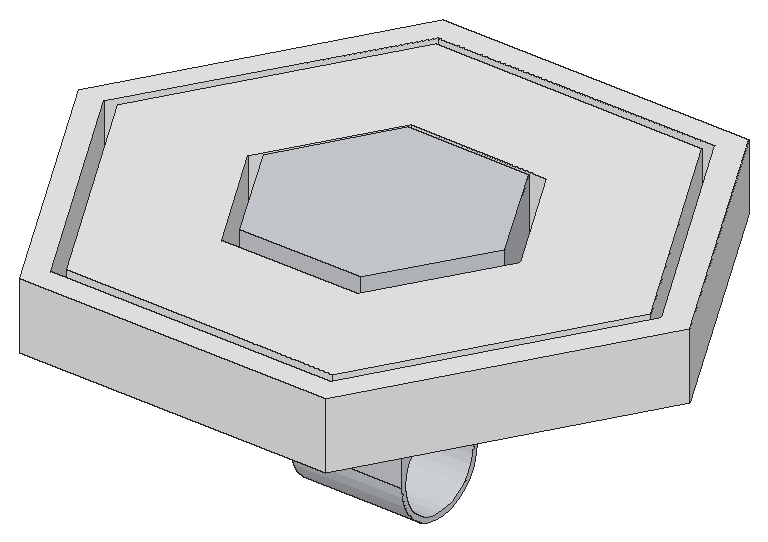
Revit family "Lighting-Industrial-GEWISS-ESALITE-HB-HIGHBAYS-LED_6K_DALI", category Apparecchi per illuminazione, host Superficie, Revit 2019
Family settings
  Host = Superficie
  Quota connettore circolare = Usa diametro
  Tipo di parte = Normale
  Taglio con vuoti quando caricato = No
  Sorgente d'illuminazione = No
  Condiviso = No
  Punto di calcolo locali = Sì
Parameters (values of type "GWS6315GD57K - ESALITE 6K ELL.5700K PLAF.+V.GR.DALI")
  Weight (kg): = "3,3"
  Warranty = "5 years"
  Voltage- = "220/240 V - 50/60 Hz"
  Versions = "5700K cold light"
  Version file RFA = "20.11"
  VISIBILITA' SIMBOLO [instance] = yes
  VISIBILITA' LAMPADA PIANTA [instance] = not(VISIBILITA' SIMBOLO)  # no
  VISIBILITA' ETICHETTA [instance] = yes
  V = 0 V
  URL = "https://www.gewiss.com/ww/en"
  Technical sheet = "https://www.gewiss.com/ww/en/search?q=GWS6315GD57K"
  System power = "52W"
  Spostamento_y_effettivo_ET [instance] = 4000 mm - Spostamento_y_ET  # 2119.2 mm
  Spostamento_y_ET [instance] = 1880.8 mm
  Spostamento_X_effettivo_ET [instance] = 4000 mm - Spostamento_X_ET  # 3850.612 mm
  Spostamento_X_ET [instance] = 149.388 mm
  Shock resistance = "IK08"
  Shield type = "Tempered glass"
  SEO = "High bay"
  Realized by GEWISS S.p.A. = ""
  Default Elevation = 1219.2 mm
  Produttore = "GEWISS S.p.A."
  Potenza di sitema = "Wxxx"
  Overvoltage resistance : = "Common mode: 8KV; Differential mode: 6KV"
  Optic = "Elliptical"
  Operating temperature: = "-30 +50 °C"
  Numero poli = 1
  Nominal flux (lm) = "7200"
  Modello = "GWS6315GD57K"
  Lumen output (lm) = "5800"
  Life time L90B10 (Tq 50Â°C) = "55000H"
  Life time L90B10 (Tq 25Â°C) = "100000H"
  Lamp- = "LED - Not replaceable"
  LED current. = "0,599999999999999A"
  Insulation class = "I"
  Immagine tipo = ESALITE_HB.jpg
  IP degree = "IP66"
  IDT = "4d8779e2af08483e8a51b0a9ca884da2"
  IDF = "75b49a32-6843-43da-9039-6d74b253c73d"
  Electrocod = "2444"
  Efficiency class of integrated LEDs = "A ÷ A++"
  Driver type = "Driver Led Dali"
  Descrizione = "ESALITE 6K ELL.5700K PLAF.+V.GR.DALI"
  Colour temperature: = "5700 K (CRI>80)"
  Colour = "Grey RAL 9006"
  Catalogue Range = "ESALITE HB - 6K"
  Catalogue = "LIGHTING"
  COBie.Tagnumber = ""
  COBie.CreatedOn = ""
  COBie.CreatebBy = ""
  COBie.ComponentRegisterItemID = ""
  COBie.Component.TagNumber = ""
  COBie.Component.Space = ""
  COBie.Component.SerialNumber = ""
  COBie.Component.InstallationDate = ""
  COBie.Component.Description = ""
  COBie.Component.BarCode = ""
  Application = "Indoor / Outdoor"
Types (24, lengths in mm): name | Weight (kg): | Versions | Technical sheet | Shock resistance | Shield type | Optic | Nominal flux (lm) | Modello | Lumen output (lm) | IP degree | IDT | Descrizione | Colour temperature: | Application
  GWS6012GD - ESALITE 6K 30° 4000K PLAF.GR.DALI | "2,8" | "4000K natural light" | "https://www.gewiss.com/ww/en/search?q=GWS6012GD" | "IK06" | "Plastic" | "30°" | "7200" | "GWS6012GD" | "6200" | "IP65" | "73c19028dbc94b82a348f0568c9a15e9" | "ESALITE 6K 30° 4000K PLAF.GR.DALI" | "4000 K (CRI>80)" | "Internal"
  GWS6012GD30K - ESALITE 6K 30° 3000K PLAF.GR.DALI | "2,8" | "3000K warm light" | "https://www.gewiss.com/ww/en/search?q=GWS6012GD30K" | "IK06" | "Plastic" | "30°" | "6700" | "GWS6012GD30K" | "5800" | "IP65" | "bea11751f73641328b7be69d8ca950c6" | "ESALITE 6K 30° 3000K PLAF.GR.DALI" | "3000 K (CRI>80)" | "Internal"
  GWS6012GD57K - ESALITE 6K 30° 5700K PLAF.GR.DALI | "2,8" | "5700K cold light" | "https://www.gewiss.com/ww/en/search?q=GWS6012GD57K" | "IK06" | "Plastic" | "30°" | "7200" | "GWS6012GD57K" | "6200" | "IP65" | "e4cff4df486f4570b58f3775d36680ae" | "ESALITE 6K 30° 5700K PLAF.GR.DALI" | "5700 K (CRI>80)" | "Internal"
  GWS6013GD - ESALITE 6K 60° 4000K PLAF.GR.DALI | "2,8" | "4000K natural light" | "https://www.gewiss.com/ww/en/search?q=GWS6013GD" | "IK06" | "Plastic" | "60°" | "7200" | "GWS6013GD" | "6400" | "IP65" | "9cd18d9bfe5e4924893e0f6398dc7e27" | "ESALITE 6K 60° 4000K PLAF.GR.DALI" | "4000 K (CRI>80)" | "Internal"
  GWS6013GD30K - ESALITE 6K 60° 3000K PLAF.GR.DALI | "2,8" | "3000K warm light" | "https://www.gewiss.com/ww/en/search?q=GWS6013GD30K" | "IK06" | "Plastic" | "60°" | "6700" | "GWS6013GD30K" | "5900" | "IP65" | "f608fa81827d4ff69e53b2c02cf3d2b9" | "ESALITE 6K 60° 3000K PLAF.GR.DALI" | "3000 K (CRI>80)" | "Internal"
  GWS6013GD57K - ESALITE 6K 60° 5700K PLAF.GR.DALI | "2,8" | "5700K cold light" | "https://www.gewiss.com/ww/en/search?q=GWS6013GD57K" | "IK06" | "Plastic" | "60°" | "7200" | "GWS6013GD57K" | "6400" | "IP65" | "7afd021f4a324bc9b351ac7d542c4d59" | "ESALITE 6K 60° 5700K PLAF.GR.DALI" | "5700 K (CRI>80)" | "Internal"
  GWS6014GD - ESALITE 6K 90° 4000K PLAF.GR.DALI | "2,8" | "4000K natural light" | "https://www.gewiss.com/ww/en/search?q=GWS6014GD" | "IK06" | "Plastic" | "90°" | "7200" | "GWS6014GD" | "6700" | "IP65" | "2c7c6ca793514eb68b4ea953368a1f5a" | "ESALITE 6K 90° 4000K PLAF.GR.DALI" | "4000 K (CRI>80)" | "Internal"
  GWS6014GD30K - ESALITE 6K 90° 3000K PLAF.GR.DALI | "2,8" | "3000K warm light" | "https://www.gewiss.com/ww/en/search?q=GWS6014GD30K" | "IK06" | "Plastic" | "90°" | "6700" | "GWS6014GD30K" | "6300" | "IP65" | "ad588380814d4b23b31fea01068ae0d5" | "ESALITE 6K 90° 3000K PLAF.GR.DALI" | "3000 K (CRI>80)" | "Internal"
  GWS6014GD57K - ESALITE 6K 90° 5700K PLAF.GR.DALI | "2,8" | "5700K cold light" | "https://www.gewiss.com/ww/en/search?q=GWS6014GD57K" | "IK06" | "Plastic" | "90°" | "7200" | "GWS6014GD57K" | "6700" | "IP65" | "8c05374fbe064c3aa460c2f60d5248ee" | "ESALITE 6K 90° 5700K PLAF.GR.DALI" | "5700 K (CRI>80)" | "Internal"
  GWS6015GD - ESALITE 6K ELL.4000K PLAF.GR.DALI | "2,8" | "4000K natural light" | "https://www.gewiss.com/ww/en/search?q=GWS6015GD" | "IK06" | "Plastic" | "Elliptical" | "7200" | "GWS6015GD" | "6400" | "IP65" | "f4fc882ed6ce46a39d865f8a7c775a86" | "ESALITE 6K ELL.4000K PLAF.GR.DALI" | "4000 K (CRI>80)" | "Internal"
  GWS6015GD30K - ESALITE 6K ELL.3000K PLAF.GR.DALI | "2,8" | "3000K warm light" | "https://www.gewiss.com/ww/en/search?q=GWS6015GD30K" | "IK06" | "Plastic" | "Elliptical" | "6700" | "GWS6015GD30K" | "5900" | "IP65" | "ace9b6457bf64c5b8e9d9a153b68026c" | "ESALITE 6K ELL.3000K PLAF.GR.DALI" | "3000 K (CRI>80)" | "Internal"
  GWS6015GD57K - ESALITE 6K ELL.5700K PLAF.GR.DALI | "2,8" | "5700K cold light" | "https://www.gewiss.com/ww/en/search?q=GWS6015GD57K" | "IK06" | "Plastic" | "Elliptical" | "7200" | "GWS6015GD57K" | "6400" | "IP65" | "f1e39ffbad6b49d49f6aeeb9b99ad004" | "ESALITE 6K ELL.5700K PLAF.GR.DALI" | "5700 K (CRI>80)" | "Internal"
  GWS6312GD - ESALITE 6K 30° 4000K PLAF.+V.GR.DALI | "3,3" | "4000K natural light" | "https://www.gewiss.com/ww/en/search?q=GWS6312GD" | "IK08" | "Tempered glass" | "30°" | "7200" | "GWS6312GD" | "5700" | "IP66" | "b4a4b0c7fb7446b282317a2b86bf5921" | "ESALITE 6K 30° 4000K PLAF.+V.GR.DALI" | "4000 K (CRI>80)" | "Indoor / Outdoor"
  GWS6312GD30K - ESALITE 6K 30° 3000K PLAF.+V.GR.DALI | "3,3" | "3000K warm light" | "https://www.gewiss.com/ww/en/search?q=GWS6312GD30K" | "IK08" | "Tempered glass" | "30°" | "6700" | "GWS6312GD30K" | "5300" | "IP66" | "7c9a42cc1972426194a584217ae262f4" | "ESALITE 6K 30° 3000K PLAF.+V.GR.DALI" | "3000 K (CRI>80)" | "Indoor / Outdoor"
  GWS6312GD57K - ESALITE 6K 30° 5700K PLAF.+V.GR.DALI | "3,3" | "5700K cold light" | "https://www.gewiss.com/ww/en/search?q=GWS6312GD57K" | "IK08" | "Tempered glass" | "30°" | "7200" | "GWS6312GD57K" | "5700" | "IP66" | "3b20571346f94faca0de53346e886aa6" | "ESALITE 6K 30° 5700K PLAF.+V.GR.DALI" | "5700 K (CRI>80)" | "Indoor / Outdoor"
  GWS6313GD - ESALITE 6K 60° 4000K PLAF.+V.GR.DALI | "3,3" | "4000K natural light" | "https://www.gewiss.com/ww/en/search?q=GWS6313GD" | "IK08" | "Tempered glass" | "60°" | "7200" | "GWS6313GD" | "5800" | "IP66" | "02692419c308444ca1a6fc587d6ce551" | "ESALITE 6K 60° 4000K PLAF.+V.GR.DALI" | "4000 K (CRI>80)" | "Indoor / Outdoor"
  GWS6313GD30K - ESALITE 6K 60° 3000K PLAF.+V.GR.DALI | "3,3" | "3000K warm light" | "https://www.gewiss.com/ww/en/search?q=GWS6313GD30K" | "IK08" | "Tempered glass" | "60°" | "6700" | "GWS6313GD30K" | "5400" | "IP66" | "b1a6307acd3e4e2789469d5a20cf6364" | "ESALITE 6K 60° 3000K PLAF.+V.GR.DALI" | "3000 K (CRI>80)" | "Indoor / Outdoor"
  GWS6313GD57K - ESALITE 6K 60° 5700K PLAF.+V.GR.DALI | "3,3" | "5700K cold light" | "https://www.gewiss.com/ww/en/search?q=GWS6313GD57K" | "IK08" | "Tempered glass" | "60°" | "7200" | "GWS6313GD57K" | "5800" | "IP66" | "c0a306202654472ca12fb25180d2e505" | "ESALITE 6K 60° 5700K PLAF.+V.GR.DALI" | "5700 K (CRI>80)" | "Indoor / Outdoor"
  GWS6314GD - ESALITE 6K 90° 4000K PLAF.+V.GR.DALI | "3,3" | "4000K natural light" | "https://www.gewiss.com/ww/en/search?q=GWS6314GD" | "IK08" | "Tempered glass" | "90°" | "7200" | "GWS6314GD" | "6200" | "IP66" | "09a6e31462824c5fb0901eaf141b1a32" | "ESALITE 6K 90° 4000K PLAF.+V.GR.DALI" | "4000 K (CRI>80)" | "Indoor / Outdoor"
  GWS6314GD30K - ESALITE 6K 90° 3000K PLAF.+V.GR.DALI | "3,3" | "3000K warm light" | "https://www.gewiss.com/ww/en/search?q=GWS6314GD30K" | "IK08" | "Tempered glass" | "90°" | "6700" | "GWS6314GD30K" | "5800" | "IP66" | "00359801d5ff4ecaaffd207533b30f8e" | "ESALITE 6K 90° 3000K PLAF.+V.GR.DALI" | "3000 K (CRI>80)" | "Indoor / Outdoor"
  GWS6314GD57K - ESALITE 6K 90° 5700K PLAF.+V.GR.DALI | "3,3" | "5700K cold light" | "https://www.gewiss.com/ww/en/search?q=GWS6314GD57K" | "IK08" | "Tempered glass" | "90°" | "7200" | "GWS6314GD57K" | "6200" | "IP66" | "230ddf7f009346bab518bc119de9083b" | "ESALITE 6K 90° 5700K PLAF.+V.GR.DALI" | "5700 K (CRI>80)" | "Indoor / Outdoor"
  GWS6315GD - ESALITE 6K ELL.4000K PLAF.+V.GR.DALI | "3,3" | "4000K natural light" | "https://www.gewiss.com/ww/en/search?q=GWS6315GD" | "IK08" | "Tempered glass" | "Elliptical" | "7200" | "GWS6315GD" | "5800" | "IP66" | "6b1e3e5d26b54aec9de38812bbbac03b" | "ESALITE 6K ELL.4000K PLAF.+V.GR.DALI" | "4000 K (CRI>80)" | "Indoor / Outdoor"
  GWS6315GD30K - ESALITE 6K ELL.3000K PLAF.+V.GR.DALI | "3,3" | "3000K warm light" | "https://www.gewiss.com/ww/en/search?q=GWS6315GD30K" | "IK08" | "Tempered glass" | "Elliptical" | "6700" | "GWS6315GD30K" | "5400" | "IP66" | "3334147de7874e6dac192efd07e69444" | "ESALITE 6K ELL.3000K PLAF.+V.GR.DALI" | "3000 K (CRI>80)" | "Indoor / Outdoor"
  GWS6315GD57K - ESALITE 6K ELL.5700K PLAF.+V.GR.DALI | "3,3" | "5700K cold light" | "https://www.gewiss.com/ww/en/search?q=GWS6315GD57K" | "IK08" | "Tempered glass" | "Elliptical" | "7200" | "GWS6315GD57K" | "5800" | "IP66" | "4d8779e2af08483e8a51b0a9ca884da2" | "ESALITE 6K ELL.5700K PLAF.+V.GR.DALI" | "5700 K (CRI>80)" | "Indoor / Outdoor"
Reference planes
  plane 1 "Centro (Fronte/Retro)": y = 0
  plane 2: z = 0
  plane 3 "Centro (Sinistra/Destra)": x = 0
  plane 4: z = 123
  plane 5: x = 0
  plane 6: x = -3850.612
  plane 7: y = -2119.2
  plane 8: y = 0
  plane 9: through (-1779.2, -702.001, 1219.2) normal (0.4695, 0.8829, 0)
  plane 10: through (203.705, -1575.119, 1219.2) normal (-0.866, 0.5, 0)
Lines and regions (mm)
  Masking region 1, visible <- "VISIBILITA' LAMPADA PIANTA", detail levels coarse
    outline origin (0, 0, 0) x (1, 0, 0) y (0, 1, 0)
      loop
        line (-72.712, 126.226) -> (-145.481, 0.185) -> (-72.712, -125.856) -> (72.828, -125.856) -> (145.598, 0.185) -> (72.828, 126.226) -> (-72.712, 126.226)
      loop
        line (28.409, 49.29) -> (-28.293, 49.29) -> (-56.644, 0.185) -> (-28.293, -48.92) -> (28.409, -48.92) -> (56.76, 0.185) -> (28.409, 49.29)
  symbolic lines, visible <- "VISIBILITA' LAMPADA PIANTA"
    curve 1: line (-119.11, 0.185, 0) -> (-59.526, 103.387, 0)
    curve 2: line (-59.526, -103.017, 0) -> (-119.11, 0.185, 0)
    curve 3: line (59.642, -103.017, 0) -> (-59.526, -103.017, 0)
    curve 4: line (119.226, 0.185, 0) -> (59.642, -103.017, 0)
    curve 5: line (59.642, 103.387, 0) -> (119.226, 0.185, 0)
    curve 6: line (-130.677, -0.815, 0) -> (-66.175, -112.535, 0)
    curve 7: line (-66.175, -112.535, 0) -> (65.138, -112.535, 0)
    curve 8: line (-130.677, -0.815, 0) -> (-65.021, 112.905, 0)
    curve 9: line (-65.021, 112.905, 0) -> (65.136, 112.905, 0)
    curve 10: line (130.216, 0.184, 0) -> (65.136, 112.905, 0)
    curve 11: line (-59.526, 103.387, 0) -> (59.642, 103.387, 0)
    curve 12: line (65.138, -112.535, 0) -> (130.216, 0.184, 0)
    curve 13: arc (-42.371, 48.747, 0) -> (-51.904, 58.28, 0) -> (-61.437, 48.747, 0) r 9.533
    curve 14: arc (-61.437, 48.747, 0) -> (-51.904, 39.214, 0) -> (-42.371, 48.747, 0) r 9.533
    curve 15: arc (-58.446, 20.905, 0) -> (-67.979, 30.438, 0) -> (-77.512, 20.905, 0) r 9.533
    curve 16: arc (-77.512, 20.905, 0) -> (-67.979, 11.372, 0) -> (-58.446, 20.905, 0) r 9.533
    curve 17: arc (-85.975, 44.352, 0) -> (-76.442, 34.819, 0) -> (-66.909, 44.352, 0) r 9.533
    curve 18: arc (-66.909, 44.352, 0) -> (-76.442, 53.885, 0) -> (-85.975, 44.352, 0) r 9.533
    curve 19: arc (-82.984, 16.51, 0) -> (-92.517, 26.043, 0) -> (-102.05, 16.51, 0) r 9.533
    curve 20: arc (-102.05, 16.51, 0) -> (-92.517, 6.977, 0) -> (-82.984, 16.51, 0) r 9.533
    curve 21: arc (-69.9, 72.195, 0) -> (-60.367, 62.662, 0) -> (-50.834, 72.195, 0) r 9.533
    curve 22: arc (-50.834, 72.195, 0) -> (-60.367, 81.728, 0) -> (-69.9, 72.195, 0) r 9.533
    curve 23: arc (42.371, 48.747, 0) -> (51.904, 58.28, 0) -> (61.437, 48.747, 0) r 9.533
    curve 24: arc (61.437, 48.747, 0) -> (51.904, 39.214, 0) -> (42.371, 48.747, 0) r 9.533
    curve 25: arc (58.446, 20.905, 0) -> (67.979, 30.438, 0) -> (77.512, 20.905, 0) r 9.533
    curve 26: arc (77.512, 20.905, 0) -> (67.979, 11.372, 0) -> (58.446, 20.905, 0) r 9.533
    curve 27: arc (85.975, 44.352, 0) -> (76.442, 34.819, 0) -> (66.909, 44.352, 0) r 9.533
    curve 28: arc (66.909, 44.352, 0) -> (76.442, 53.885, 0) -> (85.975, 44.352, 0) r 9.533
    curve 29: arc (82.984, 16.51, 0) -> (92.517, 26.043, 0) -> (102.05, 16.51, 0) r 9.533
    curve 30: arc (102.05, 16.51, 0) -> (92.517, 6.977, 0) -> (82.984, 16.51, 0) r 9.533
    curve 31: arc (69.9, 72.195, 0) -> (60.367, 62.662, 0) -> (50.834, 72.195, 0) r 9.533
    curve 32: arc (50.834, 72.195, 0) -> (60.367, 81.728, 0) -> (69.9, 72.195, 0) r 9.533
    curve 33: arc (-41.625, 88.52, 0) -> (-32.092, 78.987, 0) -> (-22.559, 88.52, 0) r 9.533
    curve 34: arc (-22.559, 88.52, 0) -> (-32.092, 98.053, 0) -> (-41.625, 88.52, 0) r 9.533
    curve 35: arc (-6.484, 69.467, 0) -> (-16.017, 79, 0) -> (-25.55, 69.467, 0) r 9.533
    curve 36: arc (-25.55, 69.467, 0) -> (-16.017, 59.934, 0) -> (-6.484, 69.467, 0) r 9.533
    curve 37: arc (-9.475, 88.52, 0) -> (0.058, 78.987, 0) -> (9.591, 88.52, 0) r 9.533
    curve 38: arc (9.591, 88.52, 0) -> (0.058, 98.053, 0) -> (-9.475, 88.52, 0) r 9.533
    curve 39: arc (25.666, 69.467, 0) -> (16.133, 79, 0) -> (6.6, 69.467, 0) r 9.533
    curve 40: arc (6.6, 69.467, 0) -> (16.133, 59.934, 0) -> (25.666, 69.467, 0) r 9.533
    curve 41: arc (22.675, 88.52, 0) -> (32.208, 78.987, 0) -> (41.741, 88.52, 0) r 9.533
    curve 42: arc (41.741, 88.52, 0) -> (32.208, 98.053, 0) -> (22.675, 88.52, 0) r 9.533
    curve 43: arc (-41.625, -88.52, 0) -> (-32.092, -78.987, 0) -> (-22.559, -88.52, 0) r 9.533
    curve 44: arc (-22.559, -88.52, 0) -> (-32.092, -98.053, 0) -> (-41.625, -88.52, 0) r 9.533
    curve 45: arc (-6.484, -69.467, 0) -> (-16.017, -79, 0) -> (-25.55, -69.467, 0) r 9.533
    curve 46: arc (-25.55, -69.467, 0) -> (-16.017, -59.934, 0) -> (-6.484, -69.467, 0) r 9.533
    curve 47: arc (-9.475, -88.52, 0) -> (0.058, -78.987, 0) -> (9.591, -88.52, 0) r 9.533
    curve 48: arc (9.591, -88.52, 0) -> (0.058, -98.053, 0) -> (-9.475, -88.52, 0) r 9.533
    curve 49: arc (25.666, -69.467, 0) -> (16.133, -79, 0) -> (6.6, -69.467, 0) r 9.533
    curve 50: arc (6.6, -69.467, 0) -> (16.133, -59.934, 0) -> (25.666, -69.467, 0) r 9.533
    curve 51: arc (22.675, -88.52, 0) -> (32.208, -78.987, 0) -> (41.741, -88.52, 0) r 9.533
    curve 52: arc (41.741, -88.52, 0) -> (32.208, -98.053, 0) -> (22.675, -88.52, 0) r 9.533
    curve 53: line (59.642, -103.387, 0) -> (119.226, -0.185, 0)
    curve 54: line (130.216, -0.184, 0) -> (65.136, -112.905, 0)
    curve 55: arc (-42.371, -48.747, 0) -> (-51.904, -58.28, 0) -> (-61.437, -48.747, 0) r 9.533
    curve 56: arc (-61.437, -48.747, 0) -> (-51.904, -39.214, 0) -> (-42.371, -48.747, 0) r 9.533
    curve 57: arc (-58.446, -20.905, 0) -> (-67.979, -30.438, 0) -> (-77.512, -20.905, 0) r 9.533
    curve 58: arc (-77.512, -20.905, 0) -> (-67.979, -11.372, 0) -> (-58.446, -20.905, 0) r 9.533
    curve 59: arc (-85.975, -44.352, 0) -> (-76.442, -34.819, 0) -> (-66.909, -44.352, 0) r 9.533
    curve 60: arc (-66.909, -44.352, 0) -> (-76.442, -53.885, 0) -> (-85.975, -44.352, 0) r 9.533
    curve 61: arc (-82.984, -16.51, 0) -> (-92.517, -26.043, 0) -> (-102.05, -16.51, 0) r 9.533
    curve 62: arc (-102.05, -16.51, 0) -> (-92.517, -6.977, 0) -> (-82.984, -16.51, 0) r 9.533
    curve 63: arc (-69.9, -72.195, 0) -> (-60.367, -62.662, 0) -> (-50.834, -72.195, 0) r 9.533
    curve 64: arc (-50.834, -72.195, 0) -> (-60.367, -81.728, 0) -> (-69.9, -72.195, 0) r 9.533
    curve 65: arc (42.371, -48.747, 0) -> (51.904, -58.28, 0) -> (61.437, -48.747, 0) r 9.533
    curve 66: arc (61.437, -48.747, 0) -> (51.904, -39.214, 0) -> (42.371, -48.747, 0) r 9.533
    curve 67: arc (58.446, -20.905, 0) -> (67.979, -30.438, 0) -> (77.512, -20.905, 0) r 9.533
    curve 68: arc (77.512, -20.905, 0) -> (67.979, -11.372, 0) -> (58.446, -20.905, 0) r 9.533
    curve 69: arc (85.975, -44.352, 0) -> (76.442, -34.819, 0) -> (66.909, -44.352, 0) r 9.533
    curve 70: arc (66.909, -44.352, 0) -> (76.442, -53.885, 0) -> (85.975, -44.352, 0) r 9.533
    curve 71: arc (82.984, -16.51, 0) -> (92.517, -26.043, 0) -> (102.05, -16.51, 0) r 9.533
    curve 72: arc (102.05, -16.51, 0) -> (92.517, -6.977, 0) -> (82.984, -16.51, 0) r 9.533
    curve 73: arc (69.9, -72.195, 0) -> (60.367, -62.662, 0) -> (50.834, -72.195, 0) r 9.533
    curve 74: arc (50.834, -72.195, 0) -> (60.367, -81.728, 0) -> (69.9, -72.195, 0) r 9.533
    curve 75: line (0, -124.529, 121.346) -> (0, 123.553, 121.346)
    curve 76: line (0, -124.529, 90.346) -> (0, -124.529, 121.346)
    curve 77: line (0, 123.553, 90.346) -> (0, -124.529, 90.346)
    curve 78: line (0, 123.553, 121.346) -> (0, 123.553, 90.346)
    curve 79: line (0, -49.593, 90.346) -> (0, 48.617, 90.346)
    curve 80: line (0, -49.593, 56.346) -> (0, -49.593, 90.346)
    curve 81: line (0, 48.617, 56.346) -> (0, -49.593, 56.346)
    curve 82: line (0, 48.617, 90.346) -> (0, 48.617, 56.346)
    curve 83: line (0, -22.673, 56.346) -> (0, -22.673, 22.757)
    curve 84: line (0, 21.327, 22.757) -> (0, 21.327, 56.346)
    curve 85: arc (0, -22.673, 22.757) -> (0, -0.673, 0.757) -> (0, 21.327, 22.757) r 22
    curve 86: arc (0, -20.673, 22.757) -> (0, -0.673, 42.757) -> (0, 19.327, 22.757) r 20
    curve 87: arc (0, 19.327, 22.757) -> (0, -0.673, 2.757) -> (0, -20.673, 22.757) r 20
    curve 101: line (-143.172, 0, 118.589) -> (143.288, 0, 118.589)
    curve 102: line (-143.172, 0, 87.589) -> (-143.172, 0, 118.589)
    curve 103: line (143.288, 0, 87.589) -> (-143.172, 0, 87.589)
    curve 104: line (143.288, 0, 118.589) -> (143.288, 0, 87.589)
    curve 105: line (-56.644, 0, 87.589) -> (56.76, 0, 87.589)
    curve 106: line (-56.644, 0, 53.589) -> (-56.644, 0, 87.589)
    curve 107: line (56.76, 0, 53.589) -> (-56.644, 0, 53.589)
    curve 108: line (56.76, 0, 87.589) -> (56.76, 0, 53.589)
    curve 109: line (-28.293, 0, 53.589) -> (26.009, 0, 53.589)
    curve 110: line (-28.293, 0, 0) -> (-28.293, 0, 53.589)
    curve 111: line (26.009, 0, 0) -> (-28.293, 0, 0)
    curve 112: line (26.009, 0, 53.589) -> (26.009, 0, 0)
  symbolic lines, visible <- "VISIBILITA' LAMPADA PIANTA", not visible
    curve 88: line (0, -302.901, 298.372) -> (0, -54.819, 298.372)
    curve 89: line (0, -302.901, 267.372) -> (0, -302.901, 298.372)
    curve 90: line (0, -54.819, 267.372) -> (0, -302.901, 267.372)
    curve 91: line (0, -54.819, 298.372) -> (0, -54.819, 267.372)
    curve 92: line (0, -227.965, 267.372) -> (0, -129.755, 267.372)
    curve 93: line (0, -227.965, 233.372) -> (0, -227.965, 267.372)
    curve 94: line (0, -129.755, 233.372) -> (0, -227.965, 233.372)
    curve 95: line (0, -129.755, 267.372) -> (0, -129.755, 233.372)
    curve 96: line (0, -201.045, 233.372) -> (0, -201.045, 199.783)
    curve 97: line (0, -157.045, 199.783) -> (0, -157.045, 233.372)
    curve 98: arc (0, -201.045, 199.783) -> (0, -179.045, 177.783) -> (0, -157.045, 199.783) r 22
    curve 99: arc (0, -199.045, 199.783) -> (0, -179.045, 219.783) -> (0, -159.045, 199.783) r 20
    curve 100: arc (0, -159.045, 199.783) -> (0, -179.045, 179.783) -> (0, -199.045, 199.783) r 20
    curve 113: line (137.075, 0, 294.646) -> (423.535, 0, 294.646)
    curve 114: line (137.075, 0, 263.646) -> (137.075, 0, 294.646)
    curve 115: line (423.535, 0, 263.646) -> (137.075, 0, 263.646)
    curve 116: line (423.535, 0, 294.646) -> (423.535, 0, 263.646)
    curve 117: line (223.603, 0, 263.646) -> (337.007, 0, 263.646)
    curve 118: line (223.603, 0, 229.646) -> (223.603, 0, 263.646)
    curve 119: line (337.007, 0, 229.646) -> (223.603, 0, 229.646)
    curve 120: line (337.007, 0, 263.646) -> (337.007, 0, 229.646)
    curve 121: line (251.954, 0, 229.646) -> (306.255, 0, 229.646)
    curve 122: line (251.954, 0, 176.057) -> (251.954, 0, 229.646)
    curve 123: line (306.255, 0, 176.057) -> (251.954, 0, 176.057)
    curve 124: line (306.255, 0, 229.646) -> (306.255, 0, 176.057)
Text (mm)
  text "B-A=C" at (-2005.323, -1167.131, 0), in view "Livello rif."
  text "D+A-C=B" at (1746.792, 582.509, 0), in view "Livello rif."
Dimensions and locks
  "Spostamento_X_effettivo_ET": plane 6 to plane 5
  plane 6 to plane 3 "Centro (Sinistra/Destra)" = 3850.612 mm
  "Spostamento_y_effettivo_ET": plane 8 to plane 7
  plane 1 "Centro (Fronte/Retro)" to plane 7 = 2119.2 mm
  angle plane 9 to plane 7 = 28.00°
  angle plane 7 to plane 6 = 90.00°
  aligned and locked: plane 2 to host face
  aligned and locked: level to host face
  aligned and locked: plane 3 "Centro (Sinistra/Destra)" to nested 1
  aligned and locked: plane 1 "Centro (Fronte/Retro)" to nested 1
  aligned and locked: plane 5 to nested 2
  aligned and locked: nested 2 to plane 8
Automatic sketch dimensions
  host sketch curve to host sketch curve = 2438.4 mm  (x2)
  Masking region 1 sketch curve to plane 1 "Centro (Fronte/Retro)" = 0.185 mm  (x4)
  Masking region 1 sketch curve to plane 3 "Centro (Sinistra/Destra)" = 145.481 mm
  Masking region 1 sketch curve to plane 3 "Centro (Sinistra/Destra)" = 72.712 mm  (x2)
  Masking region 1 sketch curve to plane 3 "Centro (Sinistra/Destra)" = 56.644 mm
  Masking region 1 sketch curve to plane 3 "Centro (Sinistra/Destra)" = 28.293 mm  (x2)
  plane 3 "Centro (Sinistra/Destra)" to Masking region 1 sketch curve = 28.409 mm  (x2)
  Masking region 1 sketch curve to Masking region 1 sketch curve = 28.351 mm
  plane 3 "Centro (Sinistra/Destra)" to Masking region 1 sketch curve = 72.828 mm  (x2)
  Masking region 1 sketch curve to Masking region 1 sketch curve = 88.838 mm
  plane 1 "Centro (Fronte/Retro)" to Masking region 1 sketch curve = 48.92 mm
  Masking region 1 sketch curve to Masking region 1 sketch curve = 76.936 mm  (x2)
  Masking region 1 sketch curve to plane 1 "Centro (Fronte/Retro)" = 49.29 mm
  curve 13 to curve 14 = 0 mm  (x2)
  curve 15 to curve 16 = 0 mm  (x2)
  curve 17 to curve 18 = 0 mm  (x2)
  curve 19 to curve 20 = 0 mm  (x2)
  curve 21 to curve 22 = 0 mm  (x2)
  curve 23 to curve 24 = 0 mm  (x2)
  curve 25 to curve 26 = 0 mm  (x2)
  curve 27 to curve 28 = 0 mm  (x2)
  curve 29 to curve 30 = 0 mm  (x2)
  curve 31 to curve 32 = 0 mm  (x2)
  curve 33 to curve 34 = 0 mm  (x2)
  curve 35 to curve 36 = 0 mm  (x2)
  curve 37 to curve 38 = 0 mm  (x2)
  curve 39 to curve 40 = 0 mm  (x2)
  curve 41 to curve 42 = 0 mm  (x2)
  curve 43 to curve 44 = 0 mm  (x2)
  curve 45 to curve 46 = 0 mm  (x2)
  curve 47 to curve 48 = 0 mm  (x2)
  curve 49 to curve 50 = 0 mm  (x2)
  curve 51 to curve 52 = 0 mm  (x2)
  curve 55 to curve 56 = 0 mm  (x2)
  curve 57 to curve 58 = 0 mm  (x2)
  curve 59 to curve 60 = 0 mm  (x2)
  curve 61 to curve 62 = 0 mm  (x2)
  curve 63 to curve 64 = 0 mm  (x2)
  curve 65 to curve 66 = 0 mm  (x2)
  curve 67 to curve 68 = 0 mm  (x2)
  curve 69 to curve 70 = 0 mm  (x2)
  curve 71 to curve 72 = 0 mm  (x2)
  curve 73 to curve 74 = 0 mm  (x2)
  plane 1 "Centro (Fronte/Retro)" to curve 8 = 0.815 mm
  curve 8 to plane 3 "Centro (Sinistra/Destra)" = 130.677 mm
  curve 2 to plane 1 "Centro (Fronte/Retro)" = 0.185 mm
  curve 6 to curve 2 = 11.567 mm
  curve 1 to curve 62 = 26.593 mm
  curve 1 to curve 20 = 26.593 mm
  curve 19 to curve 18 = 16.075 mm
  curve 62 to curve 60 = 16.075 mm
  curve 19 to curve 16 = 24.537 mm
  curve 62 to curve 57 = 24.537 mm
  curve 7 to plane 3 "Centro (Sinistra/Destra)" = 66.175 mm
  curve 8 to plane 3 "Centro (Sinistra/Destra)" = 65.021 mm
  curve 17 to curve 21 = 16.075 mm
  curve 59 to curve 64 = 16.075 mm
  curve 8 to curve 1 = 5.495 mm
  curve 6 to curve 3 = 6.65 mm
  curve 59 to curve 56 = 24.537 mm
  curve 17 to curve 13 = 24.537 mm
  curve 1 to curve 34 = 27.434 mm
  curve 2 to curve 43 = 27.434 mm
  curve 36 to plane 3 "Centro (Sinistra/Destra)" = 16.017 mm
  curve 46 to plane 3 "Centro (Sinistra/Destra)" = 16.017 mm
  plane 3 "Centro (Sinistra/Destra)" to curve 37 = 0.058 mm
  plane 3 "Centro (Sinistra/Destra)" to curve 47 = 0.058 mm
  plane 3 "Centro (Sinistra/Destra)" to curve 49 = 16.133 mm
  plane 3 "Centro (Sinistra/Destra)" to curve 39 = 16.133 mm
  curve 49 to curve 51 = 16.075 mm
  curve 39 to curve 42 = 16.075 mm
  curve 39 to curve 23 = 35.771 mm
  curve 49 to curve 65 = 35.771 mm
  curve 51 to curve 4 = 27.434 mm
  curve 41 to curve 5 = 27.434 mm
  curve 66 to curve 73 = 8.463 mm
  curve 23 to curve 31 = 8.463 mm
  curve 5 to curve 10 = 5.494 mm
  curve 3 to curve 7 = 5.496 mm
  curve 23 to curve 25 = 16.075 mm
  curve 65 to curve 67 = 16.075 mm
  curve 23 to curve 28 = 24.537 mm
  curve 65 to curve 69 = 24.537 mm
  curve 25 to curve 30 = 24.537 mm
  curve 67 to curve 71 = 24.537 mm
  curve 4 to plane 1 "Centro (Fronte/Retro)" = 0.185 mm
  curve 29 to curve 4 = 26.709 mm
  curve 12 to plane 1 "Centro (Fronte/Retro)" = 0.184 mm
  curve 4 to curve 12 = 10.99 mm
  plane 1 "Centro (Fronte/Retro)" to curve 72 = 16.51 mm
  plane 1 "Centro (Fronte/Retro)" to curve 61 = 16.51 mm
  curve 58 to curve 61 = 4.395 mm
  curve 67 to curve 71 = 4.395 mm
  curve 69 to curve 68 = 23.448 mm
  curve 60 to curve 58 = 23.448 mm
  curve 56 to curve 60 = 4.395 mm
  curve 66 to curve 70 = 4.395 mm
  curve 46 to curve 55 = 20.72 mm
  curve 45 to curve 50 = 0 mm
  curve 64 to curve 56 = 23.448 mm
  curve 73 to curve 66 = 23.448 mm
  curve 51 to curve 49 = 19.053 mm
  curve 48 to curve 50 = 19.053 mm
  curve 43 to curve 46 = 19.053 mm
  curve 3 to curve 52 = 14.498 mm
  curve 12 to curve 3 = 9.517 mm
  curve 19 to plane 1 "Centro (Fronte/Retro)" = 16.51 mm
  curve 29 to plane 1 "Centro (Fronte/Retro)" = 16.51 mm
  curve 19 to curve 15 = 4.395 mm
  curve 29 to curve 25 = 4.395 mm
  curve 16 to curve 17 = 23.448 mm
  curve 25 to curve 27 = 23.448 mm
  curve 18 to curve 14 = 4.395 mm
  curve 28 to curve 24 = 4.395 mm
  curve 13 to curve 36 = 20.72 mm
  curve 35 to curve 39 = 0 mm
  curve 14 to curve 22 = 23.448 mm
  curve 23 to curve 31 = 23.448 mm
  curve 36 to curve 33 = 19.053 mm
  curve 40 to curve 37 = 19.053 mm
  curve 39 to curve 41 = 19.053 mm
  curve 33 to curve 11 = 14.868 mm
  curve 5 to curve 9 = 9.517 mm
  curve 20 to curve 19 = 9.533 mm
  curve 61 to curve 61 = 9.533 mm
  curve 60 to curve 59 = 9.533 mm
  curve 18 to curve 17 = 9.533 mm
  curve 61 to curve 57 = 5.471 mm
  curve 19 to curve 15 = 5.471 mm
  curve 63 to curve 63 = 9.533 mm
  curve 22 to curve 21 = 9.533 mm
  curve 18 to curve 13 = 5.471 mm
  curve 60 to curve 55 = 5.471 mm
  curve 33 to curve 33 = 9.533 mm
  curve 44 to curve 43 = 9.533 mm
  curve 36 to curve 35 = 9.533 mm
  curve 45 to curve 45 = 9.533 mm
  curve 48 to plane 3 "Centro (Sinistra/Destra)" = 9.475 mm
  curve 38 to plane 3 "Centro (Sinistra/Destra)" = 9.475 mm
  plane 3 "Centro (Sinistra/Destra)" to curve 50 = 6.6 mm
  plane 3 "Centro (Sinistra/Destra)" to curve 40 = 6.6 mm
  curve 42 to curve 41 = 9.533 mm
  curve 51 to curve 51 = 9.533 mm
  curve 66 to curve 65 = 9.533 mm
  curve 23 to curve 23 = 9.533 mm
  curve 32 to curve 31 = 9.533 mm
  curve 74 to curve 73 = 9.533 mm
  curve 67 to curve 67 = 9.533 mm
  curve 25 to curve 25 = 9.533 mm
  curve 3 to curve 53 = 0 mm
  curve 54 to curve 7 = 0.001 mm
  curve 24 to curve 28 = 5.471 mm
  curve 65 to curve 69 = 5.471 mm
  curve 26 to curve 29 = 5.471 mm
  curve 67 to curve 72 = 5.471 mm
  plane 1 "Centro (Fronte/Retro)" to curve 53 = 0.185 mm
  curve 53 to curve 4 = 0 mm
  plane 1 "Centro (Fronte/Retro)" to curve 54 = 0.184 mm
  curve 54 to curve 10 = 0 mm
  curve 53 to curve 3 = 0.37 mm
  curve 54 to curve 7 = 0.37 mm
Nested families
  nested 1: "xESALITE HB 6k SOSPENSIONE_base" at (0, 0, 0), type "Tipo 1"
  nested 2: "etichetta Potenza Lampada" at (0, 0, 0), visible <- "VISIBILITA' ETICHETTA", type "etichetta Potenza Lampada"
  nested 3: "esalight hb simb" at (0, 0, 0), visible <- "VISIBILITA' SIMBOLO", type "esalight hb simb"
  nested 4: "esalight hb simb" at (0, 0, 89) x (1, 0, 0) z (0, -1, 0), visible <- "VISIBILITA' SIMBOLO", type "esalight hb simb"
  nested 5: "esalight hb simb" at (0, 0, 89) x (0, 1, 0) z (1, 0, 0), visible <- "VISIBILITA' SIMBOLO", type "esalight hb simb"
Definition of nested family "xESALITE HB 6k SOSPENSIONE_base"
  Parameters (values of type "Tipo 1")
    V = 0 V
    Schermatura interna = none
    Numero poli = 1
    LED = none
    H_LIGHT = 32.111 mm
    Corpo luce = none
    AA = 21.411 mm
  Reference planes
    plane 1 "Centro (Fronte/Retro)": y = 0
    plane 2: z = 0
    plane 3 "Centro (Sinistra/Destra)": x = 0
    plane 4: x = -145.163
    plane 5: x = 145.28
    plane 6: y = 126.226
    plane 7: y = -125.856
    plane 8: y = 55.469
    plane 9: y = -55.099
    plane 10: x = -63.671
    plane 11: x = 63.788
    plane 12: through (-72.712, 126.226, 1200) normal (0.866, -0.5, 0)
    plane 13: through (-145.481, 0.185, 1200) normal (0.866, 0.5, 0)
    plane 14: through (72.828, -125.856, 1200) normal (-0.866, 0.5, 0)
    plane 15: through (145.598, 0.185, 1200) normal (-0.866, -0.5, 0)
    plane 16: through (-143.172, 0.185, 1200) normal (-0.866, 0.5, 0)
    plane 17: through (-71.556, -123.856, 1200) normal (-0.866, -0.5, 0)
    plane 18: y = -123.856
    plane 19: through (71.674, -123.856, 1200) normal (-0.866, 0.5, 0)
    plane 20: through (71.673, 124.226, 1200) normal (0.866, 0.5, 0)
    plane 21: y = 124.226
    plane 22: through (-66.464, 110.406, 1200) normal (0.866, -0.5, 0)
    plane 23: through (-67.33, -110.535, 1200) normal (-0.866, -0.5, 0)
    plane 24: y = -112.535
    plane 25: through (128.773, -2.315, 1200) normal (0.866, -0.5, 0)
    plane 26: through (66.58, 110.405, 1200) normal (0.866, 0.5, 0)
    plane 27: y = 112.905
    plane 28: z = 123
    plane 29: z = 120
    plane 30: y = -22
    plane 31: y = 22
    plane 32: z = 55
    plane 33: z = 21.411
    plane 34: z = 129
    plane 35: z = 89
    plane 36: through (-62.99, 107.388, 1200) normal (0.866, -0.5, 0)
    plane 37: through (-62.99, -107.018, 1200) normal (-0.866, -0.5, 0)
    plane 38: y = -108.017
    plane 39: through (124.422, -0.815, 1200) normal (0.866, -0.5, 0)
    plane 40: through (63.106, 107.388, 1200) normal (0.866, 0.5, 0)
    plane 41: y = 108.387
    plane 42: through (-28.293, 49.29, 1200) normal (0.866, -0.5, 0)
    plane 43: y = 49.29
    plane 44: through (28.409, 49.29, 1200) normal (0.866, 0.5, 0)
    plane 45: through (28.409, -48.92, 1200) normal (-0.866, 0.5, 0)
    plane 46: y = -48.92
    plane 47: through (-56.644, 0.185, 1200) normal (0.866, 0.5, 0)
    plane 48: through (-31.86, 55.469, 1200) normal (0.866, -0.5, 0)
    plane 49: through (-63.778, 0.185, 1200) normal (0.866, 0.5, 0)
    plane 50: y = -55.099
    plane 51: through (63.894, 0.185, 1200) normal (0.866, -0.5, 0)
    plane 52: through (63.894, 0.185, 1200) normal (-0.866, -0.5, 0)
    plane 53: y = 55.469
    plane 54: z = 109.439
    plane 55: through (-65.51, 1.185, 1200) normal (-0.866, 0.5, 0)
    plane 56: through (-33.592, -56.099, 1200) normal (-0.866, -0.5, 0)
    plane 57: through (-65.51, 1.185, 1200) normal (-0.866, 0.5, 0)
    plane 58: y = 57.469
    plane 59: through (33.708, 56.469, 1200) normal (0.866, 0.5, 0)
    plane 60: through (65.626, -0.815, 1200) normal (0.866, -0.5, 0)
    plane 61: y = -57.099
    plane 62: y = -1
    plane 63: y = 1
    plane 64: x = -1
    plane 65: x = 0
    plane 66: y = 105.387
    plane 67: through (-59.814, 106.887, 1200) normal (0.866, -0.5, 0)
    plane 68: through (-122.285, 1.685, 1200) normal (0.866, 0.5, 0)
    plane 69: y = -105.017
    plane 70: through (59.931, -106.517, 1200) normal (-0.866, 0.5, 0)
    plane 71: through (127.598, 1.685, 1200) normal (-0.866, -0.5, 0)
    plane 72: through (122.402, -1.315, 1200) normal (-0.866, -0.5, 0)
    plane 73: z = 116
    plane 74: through (-58.948, 104.387, 1200) normal (0.866, -0.5, 0)
    plane 75: through (-119.687, 1.185, 1200) normal (0.866, 0.5, 0)
    plane 76: y = -103.017
    plane 77: through (59.065, -104.017, 1200) normal (-0.866, 0.5, 0)
    plane 78: through (119.803, -0.815, 1200) normal (-0.866, -0.5, 0)
    plane 79: y = 103.387
    plane 80: x = 1
  Forms (mm)
    Extrusion 1, solid
      sketch origin (0, 0, 0) x (1, 0, 0) y (0, 1, 0)
        loop
          line (-28.293, 49.29) -> (-56.644, 0.185) -> (-28.293, -48.92) -> (28.409, -48.92) -> (56.76, 0.185) -> (28.409, 49.29) -> (-28.293, 49.29)
      from 123 to 55
    Extrusion 2, solid
      sketch origin (0, 0, 0) x (1, 0, 0) y (0, 1, 0)
        loop
          line (-65.021, 112.905) -> (-130.677, -0.814) -> (-66.175, -112.535) -> (65.138, -112.535) -> (130.216, 0.184) -> (65.136, 112.905) -> (-65.021, 112.905)
        loop
          line (-143.172, 0.186) -> (-71.556, -123.856) -> (71.674, -123.856) -> (143.288, 0.184) -> (71.673, 124.226) -> (-71.557, 124.226) -> (-143.172, 0.186)
      from 89 to 120
    Extrusion 3, solid
      sketch origin (0, 0, 0) x (0, 1, 0) y (0, 0, 1)
        loop
          arc (-22, 21.411) -> (0, -0.589) -> (22, 21.411) r 22
          line (22, 21.411) -> (22, 55) -> (-22, 55) -> (-22, 21.411)
        loop
          circle (0, 21.411) r 20
      from -26.009 to 26.009
    Extrusion 4, solid, material <- "Schermatura interna"
      sketch origin (0, 0, 0) x (1, 0, 0) y (0, 1, 0)
        loop
          line (-62.413, 108.387) -> (-124.883, 0.185) -> (-62.413, -108.017) -> (62.529, -108.017) -> (125, 0.185) -> (62.529, 108.387) -> (-62.413, 108.387)
        loop
          line (-31.86, 55.469) -> (-63.778, 0.185) -> (-31.86, -55.099) -> (31.976, -55.099) -> (63.894, 0.185) -> (31.976, 55.469) -> (-31.86, 55.469)
      from 89 to 120
  Dimensions and locks
    locked: plane 6 to plane 21 at 2
    locked: plane 12 to plane 16 at 2
    locked: plane 13 to plane 17 at 2
    locked: plane 7 to plane 18 at 2
    locked: plane 19 to plane 14 at 2
    locked: plane 20 to plane 15 at 2
    locked: plane 22 to plane 16 at 11.321
    locked: plane 27 to plane 21 at 11.321
    locked: plane 20 to plane 26 at 11.321
    locked: plane 19 to plane 25 at 11.321
    locked: plane 18 to plane 24 at 11.321
    locked: plane 28 to plane 29 at 3
    equal spacing: Extrusion 3, plane 3 "Centro (Sinistra/Destra)", Extrusion 3
    plane 29 to plane 35 = 31 mm
    locked: plane 29 to plane 54 at 10.561
    locked: plane 29 to plane 73 at 4
    plane 4 to plane 5 = 290.443 mm
    plane 7 to plane 6 = 252.082 mm
    aligned and locked: level to plane 2
    aligned and locked: Extrusion 1 to plane 28
    aligned and locked: Extrusion 3 sketch curve to plane 30
    aligned and locked: Extrusion 3 sketch curve to plane 31
    aligned and locked: Extrusion 2 to plane 29
    aligned and locked: Extrusion 3 sketch curve to plane 32
    aligned and locked: plane 33 to Extrusion 3 sketch curve  (x2)
    aligned and locked: plane 1 "Centro (Fronte/Retro)" to Extrusion 3 sketch curve
    aligned and locked: Extrusion 2 to plane 35
    aligned and locked: Extrusion 4 sketch curve to plane 36
    aligned and locked: Extrusion 4 sketch curve to plane 41
    aligned and locked: Extrusion 4 sketch curve to plane 40
    aligned and locked: Extrusion 4 sketch curve to plane 39
    aligned and locked: Extrusion 4 sketch curve to plane 38
    aligned and locked: Extrusion 4 sketch curve to plane 37
    aligned and locked: Extrusion 4 to plane 29
    aligned and locked: Extrusion 4 to plane 35
    aligned and locked: Extrusion 1 sketch curve to plane 42
    aligned and locked: Extrusion 1 sketch curve to plane 47
    aligned and locked: Extrusion 1 sketch curve to plane 46
    aligned and locked: Extrusion 1 sketch curve to plane 45
    aligned and locked: Extrusion 1 sketch curve to plane 44
    aligned and locked: Extrusion 1 sketch curve to plane 43
  Automatic sketch dimensions
    Extrusion 2 sketch curve to plane 16 = 0 mm  (x2)
    plane 17 to Extrusion 2 sketch curve = 0 mm  (x2)
    Extrusion 2 sketch curve to plane 22 = 0 mm
    Extrusion 2 sketch curve to plane 23 = 0 mm
    Extrusion 2 sketch curve to plane 21 = 0 mm
    Extrusion 2 sketch curve to plane 18 = 0 mm
    plane 23 to Extrusion 2 sketch curve = 0 mm
    Extrusion 2 sketch curve to plane 24 = 0 mm
    plane 22 to Extrusion 2 sketch curve = 0 mm
    Extrusion 2 sketch curve to plane 27 = 0 mm
    Extrusion 2 sketch curve to plane 25 = 0 mm
    Extrusion 2 sketch curve to plane 26 = 0 mm
    Extrusion 2 sketch curve to plane 19 = 0 mm  (x2)
    Extrusion 2 sketch curve to plane 20 = 0 mm  (x2)
    plane 25 to Extrusion 2 sketch curve = 0 mm
    plane 26 to Extrusion 2 sketch curve = 0 mm
    Extrusion 4 sketch curve to plane 48 = 0 mm
    Extrusion 4 sketch curve to plane 49 = 0 mm  (x2)
    Extrusion 4 sketch curve to plane 8 = 0 mm
    plane 48 to Extrusion 4 sketch curve = 0 mm
    Extrusion 4 sketch curve to plane 9 = 0 mm
    Extrusion 4 sketch curve to plane 51 = 0 mm
    plane 51 to Extrusion 4 sketch curve = 0 mm
    plane 52 to Extrusion 4 sketch curve = 0 mm
    Extrusion 4 sketch curve to plane 52 = 0 mm
    radius of Extrusion 3 sketch curve = 20 mm
  Connectors
    electrical at (0.058, 0.185, 55), driven by "Numero poli", driven by "V"
      settings: on Extrusion 1, index 1, voltage 0 V, apparent load 0 VA, apparent load phase1 0 VA, apparent load phase2 0 VA, apparent load phase3 0 VA, power factor 1, load classification none, number of poles 1, system type 31, power factor state 1, is connector primary yes, connector utility no, sub classification motor no, connector description ""
Definition of nested family "etichetta Potenza Lampada"
  Parameters (values of type "etichetta Potenza Lampada")
    potenza lampada = "Wxxx"
  Reference planes
    plane 1: y = 0
    plane 2: x = 0
  Text (mm)
    label "QE" at (0.073, -0.194, 0), shows "potenza lampada"
Definition of nested family "esalight hb simb"
  Reference planes
    plane 1 "Centro (Fronte/Retro)": y = 0
    plane 2: z = 0
    plane 3 "Centro (Sinistra/Destra)": x = 0
  Lines and regions (mm)
    detail lines, in view "Livello rif."
      curve 1: line (0, 152.5, 0) -> (0, -147.5, 0)
      curve 2: line (168.999, 89.193, 0) -> (284.502, 155.878, 0)
      curve 3: line (324.884, 179.193, 0) -> (278.255, 166.699, 0)
      curve 4: line (324.884, 179.193, 0) -> (290.749, 145.058, 0)
      curve 5: line (278.255, 166.699, 0) -> (290.749, 145.058, 0)
      curve 6: line (168.999, -104.193, 0) -> (284.502, -170.878, 0)
      curve 7: line (324.884, -194.193, 0) -> (278.255, -181.699, 0)
      curve 8: line (324.884, -194.193, 0) -> (290.749, -160.058, 0)
      curve 9: line (278.255, -181.699, 0) -> (290.749, -160.058, 0)
      curve 10: arc (0, 152.5, 0) -> (-150, 2.5, 0) -> (0, -147.5, 0) r 150
